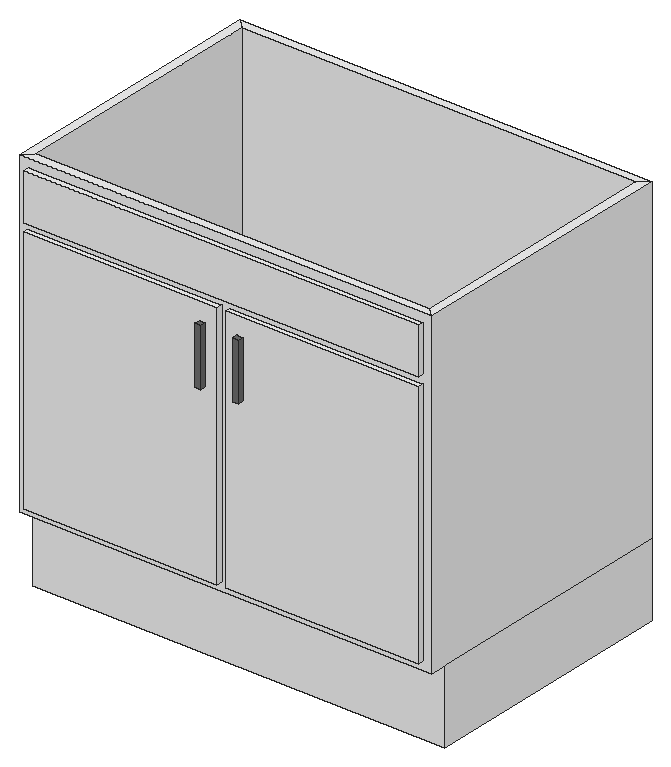
Revit family "Base Cabinet-Double Door Sink Unit (M)", category 케이스워크, Revit 2026
Family settings
  작업 기준면 기반 = 아니오
  항상 수직 = 예
  로드될 때 보이드를 사용하여 절단 = 아니오
  공유 = 아니오
  룸 계산 점 = 아니오
Parameters (values of type "900mm")
  기본 높이 = 0 mm
  Cabinet Material = none
  깊이 = 600 mm
  Door/Drawer Material = none
  Handle Material = Cabinets - Handles
  높이 = 860 mm
  Plinth Depth = 35 mm
  Plinth Height = 160 mm
  폭 = 900 mm
Types (4, lengths in mm): name | 폭
  (no name) | 900
  1000mm | 1000
  900mm | 900
  1200mm | 1200
Reference planes
  plane 1 "Back": y = 0
  plane 2: z = 0
  plane 3 "Center": x = 18.738
  plane 4 "Left": x = -431.262
  plane 5 "Right": x = 468.738
  plane 6 "Front": y = -600
  plane 7 "Top": z = 860
  plane 8: y = -565
  plane 9: z = 160
  plane 10: z = 840.95
  plane 11: z = 179.05
  plane 12: x = -412.212
  plane 13: x = 449.688
  plane 14: z = 739.35
  plane 15: z = 720.3
  plane 16: z = 682.2
  plane 17: z = 580.6
  plane 18: x = -16.187
  plane 19: x = -28.887
  plane 20: x = 9.213
  plane 21: x = 28.263
  plane 22: x = 53.663
  plane 23: x = 66.363
  plane 24: z = 449.675
Forms (mm)
  Extrusion 1, solid, material <- "Cabinet Material"
    sketch origin (0, 0, 0) x (1, 0, 0) y (0, 1, 0)
      loop
        line (-431.262, 0) -> (-431.262, -565) -> (468.738, -565) -> (468.738, 0) -> (-431.262, 0)
    from 0 to 160
  Sweep 2, solid, material <- "Cabinet Material"
    path origin (0, 0, 0) x (1, 0, 0) y (0, 1, 0)
      loop
        line (468.738, 0) -> (-431.262, 0) -> (-431.262, -600) -> (468.738, -600) -> (468.738, 0)
    profile origin (0, -300, 0) x (1, 0, 0) y (0, 0, 1)
      loop
        line (468.738, 160) -> (468.738, 860) -> (449.688, 860) -> (449.688, 160) -> (468.738, 160)
  Extrusion 3, solid, material <- "Cabinet Material"
    sketch origin (0, 0, 0) x (1, 0, 0) y (0, 1, 0)
      loop
        line (-412.212, -19.05) -> (-412.212, -580.95) -> (449.688, -580.95) -> (449.688, -19.05) -> (-412.212, -19.05)
    from 179.05 to 160
  Extrusion 4, solid, material <- "Door/Drawer Material"
    sketch origin (0, -600, 0) x (1, 0, 0) y (0, 0, 1)
      loop
        line (-412.212, 720.3) -> (-412.212, 179.05) -> (9.213, 179.05) -> (9.213, 720.3) -> (-412.212, 720.3)
      loop
        line (28.263, 720.3) -> (28.263, 179.05) -> (449.688, 179.05) -> (449.688, 720.3) -> (28.263, 720.3)
      loop
        line (-412.212, 840.95) -> (-412.212, 739.35) -> (449.688, 739.35) -> (449.688, 840.95) -> (-412.212, 840.95)
    from 0 to 12.7
  Extrusion 5, solid, material "Cabinets - Handles" <- "Handle Material"
    sketch origin (0, -600, 0) x (1, 0, 0) y (0, 0, 1)
      loop
        line (-28.887, 682.2) -> (-28.887, 557.47) -> (-16.187, 557.47) -> (-16.187, 682.2) -> (-28.887, 682.2)
      loop
        line (53.663, 682.2) -> (53.663, 557.47) -> (66.363, 557.47) -> (66.363, 682.2) -> (53.663, 682.2)
    from 12.7 to 25.4
Lines and regions (mm)
  symbolic lines, style "Plan Rep - Below"
    curve 1: line (468.738, -600, 0) -> (-431.262, -600, 0)
    curve 2: line (468.738, 0, 0) -> (468.738, -600, 0)
    curve 3: line (-431.262, 0, 0) -> (468.738, 0, 0)
    curve 4: line (-431.262, -600, 0) -> (-431.262, 0, 0)
  model lines
    curve 5: line (449.688, -600, 739.35) -> (-412.212, -600, 739.35)
    curve 6: line (449.688, -600, 840.95) -> (449.688, -600, 739.35)
    curve 7: line (-412.212, -600, 840.95) -> (449.688, -600, 840.95)
    curve 8: line (-412.212, -600, 739.35) -> (-412.212, -600, 840.95)
    curve 9: line (449.688, -600, 179.05) -> (28.263, -600, 179.05)
    curve 10: line (449.688, -600, 720.3) -> (449.688, -600, 179.05)
    curve 11: line (-412.212, -600, 720.3) -> (9.213, -600, 720.3)
    curve 12: line (-412.212, -600, 179.05) -> (-412.212, -600, 720.3)
    curve 13: line (-28.887, -600, 682.2) -> (-16.187, -600, 682.2)
    curve 14: line (-28.887, -600, 580.6) -> (-28.887, -600, 682.2)
    curve 15: line (-16.187, -600, 580.6) -> (-28.887, -600, 580.6)
    curve 16: line (-16.187, -600, 682.2) -> (-16.187, -600, 580.6)
    curve 17: line (28.263, -600, 179.05) -> (28.263, -600, 720.3)
    curve 18: line (9.213, -600, 179.05) -> (9.213, -600, 720.3)
    curve 19: line (66.363, -600, 682.2) -> (53.663, -600, 682.2)
    curve 20: line (66.363, -600, 580.6) -> (66.363, -600, 682.2)
    curve 21: line (53.663, -600, 580.6) -> (66.363, -600, 580.6)
    curve 22: line (53.663, -600, 682.2) -> (53.663, -600, 580.6)
    curve 23: line (28.263, -600, 720.3) -> (449.688, -600, 720.3)
    curve 24: line (9.213, -600, 179.05) -> (-412.212, -600, 179.05)
  symbolic lines, style "Elevation Swing"
    curve 25: line (9.213, 0, 720.3) -> (-412.212, 0, 449.675)
    curve 26: line (-412.212, 0, 449.675) -> (9.213, 0, 179.05)
    curve 27: line (28.263, 0, 179.05) -> (449.688, 0, 449.675)
    curve 28: line (449.688, 0, 449.675) -> (28.263, 0, 720.3)
Dimensions and locks
  "깊이": plane 6 "Front" to plane 1 "Back"
  "폭": plane 4 "Left" to plane 5 "Right"
  equal spacing: plane 4 "Left", plane 3 "Center", plane 5 "Right"
  "높이": level to plane 7 "Top"
  "Plinth Height": plane 2 to plane 9
  "Plinth Depth": plane 6 "Front" to plane 8
  locked: plane 4 "Left" to plane 12 at 19.05
  locked: plane 13 to plane 5 "Right" at 19.05
  locked: plane 7 "Top" to plane 10 at 19.05
  locked: plane 11 to plane 9 at 19.05
  plane 10 to plane 14 to plane 15 = 101.6 mm locked, 19.05 mm locked
  plane 15 to plane 16 to plane 17 = 38.1 mm locked, 101.6 mm locked
  plane 21 to plane 3 "Center" to plane 20 = 9.525 mm locked, 9.525 mm locked
  plane 20 to plane 18 to plane 19 = 25.4 mm locked, 12.7 mm locked
  plane 21 to plane 22 to plane 23 = 25.4 mm locked, 12.7 mm locked
  equal spacing: plane 15, plane 24, plane 11
  aligned and locked: plane 1 "Back" to Extrusion 1 sketch curve
  aligned and locked: Extrusion 1 sketch curve to plane 5 "Right"
  aligned and locked: Extrusion 1 sketch curve to plane 8
  aligned and locked: plane 4 "Left" to Extrusion 1 sketch curve
  aligned and locked: Extrusion 1 to level
  aligned and locked: Sweep 2 sketch curve to plane 6 "Front"
  aligned and locked: plane 1 "Back" to Sweep 2 sketch curve
  aligned and locked: Sweep 2 sketch curve to plane 5 "Right"  (x2)
  aligned and locked: plane 4 "Left" to Sweep 2 sketch curve
  aligned and locked: plane 7 "Top" to Sweep 2 sketch curve
  aligned and locked: plane 9 to Sweep 2 sketch curve
  aligned and locked: Sweep 2 to Extrusion 3 sketch curve  (x2)
  aligned and locked: Extrusion 3 sketch curve to Sweep 2  (x2)
  aligned and locked: Extrusion 3 to plane 11
  aligned and locked: Extrusion 3 to plane 9
  aligned and locked: plane 9 to Extrusion 1
Automatic sketch dimensions
  profile plane to Sweep 2 sketch curve = 19.05 mm
  curve 1 to plane 4 "Left" = 0 mm
  curve 3 to plane 1 "Back" = 0 mm
  curve 3 to plane 5 "Right" = 0 mm
  curve 1 to plane 6 "Front" = 0 mm
  Extrusion 4 sketch curve to plane 11 = 0 mm  (x2)
  Extrusion 4 sketch curve to plane 12 = 0 mm  (x2)
  Extrusion 4 sketch curve to plane 15 = 0 mm  (x2)
  Extrusion 4 sketch curve to plane 20 = 0 mm
  Extrusion 4 sketch curve to plane 21 = 0 mm
  Extrusion 4 sketch curve to plane 10 = 0 mm
  Extrusion 4 sketch curve to plane 13 = 0 mm  (x2)
  Extrusion 4 sketch curve to plane 14 = 0 mm
  Extrusion 5 sketch curve to plane 19 = 0 mm
  Extrusion 5 sketch curve to plane 18 = 0 mm
  Extrusion 5 sketch curve to plane 16 = 0 mm  (x2)
  Extrusion 5 sketch curve to plane 22 = 0 mm
  Extrusion 5 sketch curve to plane 23 = 0 mm
  plane 17 to Extrusion 5 sketch curve = 23.13 mm  (x2)
  curve 5 to plane 13 = 0 mm
  curve 28 to plane 13 = 0 mm
  curve 23 to plane 13 = 0 mm
  curve 20 to plane 17 = 0 mm
  curve 20 to plane 23 = 0 mm
  curve 21 to plane 22 = 0 mm
  curve 9 to plane 11 = 0 mm
  curve 9 to plane 21 = 0 mm
  curve 27 to plane 11 = 0 mm
  curve 27 to plane 21 = 0 mm
  curve 28 to plane 15 = 0 mm
  curve 28 to plane 21 = 0 mm
  curve 11 to plane 15 = 0 mm
  curve 11 to plane 20 = 0 mm
  curve 26 to plane 11 = 0 mm
  curve 26 to plane 20 = 0 mm
  curve 25 to plane 15 = 0 mm
  curve 25 to plane 20 = 0 mm
  curve 13 to plane 16 = 0 mm
  curve 13 to plane 18 = 0 mm
  curve 15 to plane 17 = 0 mm
  curve 15 to plane 19 = 0 mm
  curve 12 to plane 11 = 0 mm
  curve 12 to plane 12 = 0 mm
  curve 8 to plane 10 = 0 mm
  curve 8 to plane 12 = 0 mm
  curve 25 to plane 12 = 0 mm
  curve 6 to plane 14 = 0 mm
  curve 23 to plane 15 = 0 mm
  curve 19 to plane 16 = 0 mm
  curve 25 to plane 24 = 0 mm
  curve 27 to plane 24 = 0 mm
